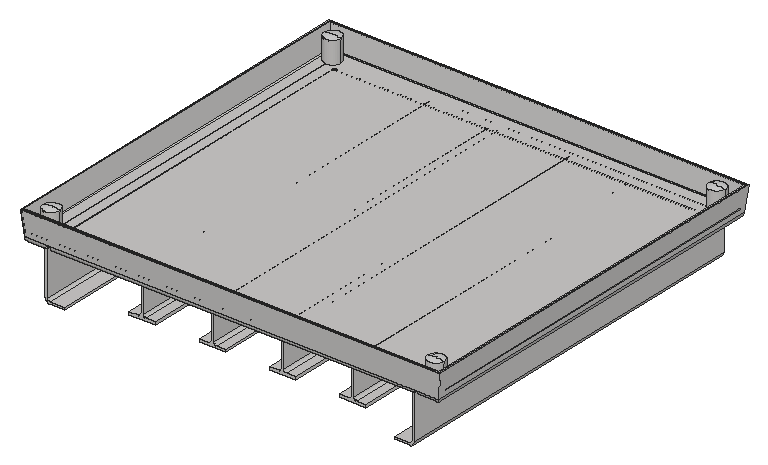
Revit family "NLRS_33_GM_FB_TC_STORAX_vloerluik_BVS-400_BCB", category Generic Models, host Face, Revit 2014
Parameters (values of type "BVS-400 88")
  vullen_met_beton = "ja"  # constant formula
  versterking_88 = yes
  versterking_66 = no
  versterking_110 = no
  vergrendeling = "nee"  # constant formula
  uitwendige_lengte = 935 mm
  uitwendige_breedte = 1015 mm
  sluiting = "4"  # constant formula
  scharnierend = "nee"  # constant formula
  rubberen_afdichting = "enkel"  # constant formula
  productgroep = "Vloerluiken"  # constant formula
  materiaal = bcb_staal
  liggers_lengte = binnenmaat_lengte + 47 mm  # 847 mm
  inbouwhoogte [instance] = 75 mm
  geïsoleerd = "ja"  # constant formula
  gewicht = "103"
  gasdrukveer = "nee"  # constant formula
  brandwerend 90 min = "nee"  # constant formula
  binnenmaat_lengte = uitwendige_lengte - 135 mm  # 800 mm
  binnenmaat_breedte = uitwendige_breedte - 215 mm  # 800 mm
  binnenluik = "tbv betonvulling"  # constant formula
  belasting = "400 kN"  # constant formula
  URL = "http://www.storax.nl/producten/Staal/189/Type-BVS-400"
  Model = "BV"  # constant formula
  Manufacturer = "Storax"  # constant formula
  Default Elevation = 1219.2 mm
Types (5, lengths in mm): name | versterking_88 | versterking_66 | versterking_110 | uitwendige_lengte | uitwendige_breedte | liggers_lengte | gewicht | binnenmaat_lengte | binnenmaat_breedte | Default Elevation
  (no name) | yes | no | no | 935 | 1015 | 847 | "103" | 800 | 800 | 1219.2
  BVS-400 66 | no | yes | no | 735 | 815 | 647 | "62" | 600 | 600 | 1219.2
  BVS-400 88 | yes | no | no | 935 | 1015 | 847 | "103" | 800 | 800 | 1219.2
  BVS-400 110 | no | no | yes | 1135 | 1215 | 1047 | "175" | 1000 | 1000 | 0
  maatwerk | no | no | yes | 1135 | 1215 | 1047 | "0" | 1000 | 1000 | 0
Reference planes
  plane 1 "Center (Front/Back)": y = 0
  plane 2: z = 0
  plane 3 "Center (Left/Right)": x = 0
  plane 4: y = 467.5
  plane 5: y = -467.5
  plane 6: x = 507.5
  plane 7: x = -507.5
  plane 8: z = -75
  plane 9: x = -465.5
  plane 10: y = 425.5
  plane 11: y = -425.5
  plane 12: x = 465.5
  plane 13: x = -345.5
  plane 14: x = 345.5
  plane 15: y = -305.5
  plane 16: y = 305.5
  plane 17: x = -437
  plane 18: x = 437
  plane 19: y = -396.5
  plane 20: y = 396.5
Forms (mm)
  Sweep 1, solid, material "bcb_staal" <- "materiaal", detail levels medium+fine
    path origin (0, 0, 0) x (1, 0, 0) y (0, 1, 0)
      loop
        line (-507.5, 467.5) -> (-507.5, -467.5) -> (507.5, -467.5) -> (507.5, 467.5) -> (-507.5, 467.5)
    profile origin (-507.5, 0, 0) x (-1, 0, 0) y (0, 0, 1)
      loop
        line (0, 0) -> (-2.01, 0) -> (-8.062, -60.739)
        arc (-8.062, -60.739) -> (-19.025, -71.913) -> (-32.302, -63.62) r 12.5
        line (-32.302, -63.62) -> (-34.724, -56.679)
        arc (-34.724, -56.679) -> (-38.41, -54.001) -> (-42.212, -56.51) r 4
        line (-42.212, -56.51) -> (-44.362, -61.868)
        arc (-44.362, -61.868) -> (-48.269, -64.946) -> (-52.899, -63.13) r 5
        line (-52.899, -63.13) -> (-56.64, -57.982)
        arc (-56.64, -57.982) -> (-63.349, -55.792) -> (-67.5, -61.5) r 6
        line (-67.5, -61.5) -> (-67.5, -75) -> (-65.5, -75) -> (-65.5, -61.5)
        arc (-65.5, -61.5) -> (-62.734, -57.695) -> (-58.262, -59.152) r 4
        line (-58.262, -59.152) -> (-54.667, -64.109)
        arc (-54.667, -64.109) -> (-48.142, -66.947) -> (-42.504, -62.607) r 7
        line (-42.504, -62.607) -> (-40.356, -57.255)
        arc (-40.356, -57.255) -> (-38.451, -56.001) -> (-36.61, -57.346) r 2
        line (-36.61, -57.346) -> (-34.19, -64.279)
        arc (-34.19, -64.279) -> (-18.789, -73.899) -> (-6.071, -60.938) r 14.5
        line (-6.071, -60.938) -> (0, 0)
  Sweep 2, solid, material "bcb_staal" <- "materiaal", detail levels medium+fine
    path origin (0, 0, 0) x (1, 0, 0) y (0, 1, 0)
      loop
        line (-507.5, 467.5) -> (-507.5, -467.5) -> (507.5, -467.5) -> (507.5, 467.5) -> (-507.5, 467.5)
    profile origin (-507.5, 0, 0) x (-1, 0, 0) y (0, 0, 1)
      loop
        line (-10.487, -50.628) -> (-2.484, 0) -> (-4.5, 0) -> (-12.438, -50.313)
        arc (-12.438, -50.313) -> (-13.121, -51.538) -> (-14.437, -52.024) r 2.024
        line (-14.437, -52.024) -> (-67.5, -52.024) -> (-67.5, -53.988) -> (-14.751, -53.988)
        arc (-14.751, -53.988) -> (-11.962, -53.142) -> (-10.487, -50.628) r 4
  Sweep 3, solid, material "bcb_staal" <- "materiaal", detail levels coarse
    path origin (0, 0, 0) x (1, 0, 0) y (0, 1, 0)
      loop
        line (-507.5, 467.5) -> (-507.5, -467.5) -> (507.5, -467.5) -> (507.5, 467.5) -> (-507.5, 467.5)
    profile origin (-507.5, 0, 0) x (-1, 0, 0) y (0, 0, 1)
      loop
        line (0, 0) -> (-4.5, 0) -> (-12.74, -52.024) -> (-67.5, -52.024) -> (-67.5, -75) -> (-7.473, -75) -> (0, 0)
  Extrusion 4, solid, material "bcb_staal" <- "materiaal", detail levels medium+fine
    sketch origin (0, 0, 0) x (1, 0, 0) y (0, 1, 0)
      loop
        line (-440, 400) -> (-440, -400) -> (440, -400) -> (440, 400) -> (-440, 400)
    from -53.988 to -52
  Extrusion 5, solid, material "bcb_staal" <- "materiaal", detail levels coarse
    sketch origin (0, 0, 0) x (1, 0, 0) y (0, 1, 0)
      loop
        line (-440, 400) -> (-440, -400) -> (440, -400) -> (440, 400) -> (-440, 400)
    from -75 to -52.024
  Extrusion 6, void
    sketch origin (0, 0, 0) x (1, 0, 0) y (0, 1, 0)
      loop
        line (-345.5, -305.5) -> (345.5, -305.5) -> (345.5, 305.5) -> (-345.5, 305.5) -> (-345.5, -305.5)
    from -500 to 10
  Sweep 7, void
    path origin (0, 0, 0) x (1, 0, 0) y (0, 1, 0)
      loop
        line (-507.5, 467.5) -> (-507.5, -467.5) -> (507.5, -467.5) -> (507.5, 467.5) -> (-507.5, 467.5)
    profile origin (-507.5, 0, 0) x (-1, 0, 0) y (0, 0, 1)
      loop
        line (0.498, 5) -> (-162, 5) -> (-162, -365) -> (-65.5, -365) -> (-65.5, -75) -> (-7.473, -75) -> (0.498, 5)
  Sweep 8, solid, material "bcb_staal" <- "materiaal"
    path origin (0, 0, 0) x (1, 0, 0) y (0, 1, 0)
      loop
        line (-507.5, -467.5) -> (-507.5, 467.5)
    profile origin (-507.5, 0, 0) x (-1, 0, 0) y (0, 0, 1)
      loop
        line (-60.5, -169) -> (-60.5, -62) -> (-65.5, -62) -> (-65.5, -169)
        arc (-65.5, -169) -> (-67.257, -173.243) -> (-71.5, -175) r 6
        line (-71.5, -175) -> (-107.5, -175) -> (-107.5, -180) -> (-71.5, -180)
        arc (-71.5, -180) -> (-63.722, -176.778) -> (-60.5, -169) r 11
  Sweep 9, solid, material "bcb_staal" <- "materiaal"
    path origin (134.957, 0, 0) x (-1, 0, 0) y (0, 1, 0)
      loop
        line (-372.543, -467.5) -> (-372.543, 467.5)
    profile origin (507.5, 0, 0) x (-1, 0, 0) y (0, 0, 1)
      loop
        arc (60.5, -169) -> (63.722, -176.778) -> (71.5, -180) r 11
        line (71.5, -180) -> (107.5, -180) -> (107.5, -175) -> (71.5, -175)
        arc (71.5, -175) -> (67.257, -173.243) -> (65.5, -169) r 6
        line (65.5, -169) -> (65.5, -62) -> (60.5, -62) -> (60.5, -169)
Cuts and joins
  joined: Sweep 2, Extrusion 4
  joined: Sweep 3, Extrusion 5
Text (mm)
  text "Indien u deze familie geopend hebt vanuit het project via Edit Family: Niet Opslaan!\n\nOpen de familie via File - Open Family om de familie aan te passen.\n\n\n\nMocht u zelf aanpassingen willen aanbrengen in een type van de family, \n\npak dan het type maatwerk en neem contact op met Storax." at (-0.374, 589.999, 0), in view "Ref. Level"
Dimensions and locks
  equal spacing: plane 7, plane 3 "Center (Left/Right)", plane 6
  "uitwendige_breedte": plane 7 to plane 6
  equal spacing: plane 4, plane 1 "Center (Front/Back)", plane 5
  "uitwendige_lengte": plane 4 to plane 5
  locked: plane 4 to plane 10 at 42
  locked: plane 7 to plane 9 at 42
  locked: plane 12 to plane 6 at 42
  locked: plane 5 to plane 11 at 42
  locked: plane 9 to plane 13 at 120
  locked: plane 14 to plane 12 at 120
  locked: plane 15 to plane 11 at 120
  locked: plane 10 to plane 16 at 120
  locked: plane 9 to plane 17 at 28.5
  locked: plane 18 to plane 12 at 28.5
  locked: plane 11 to plane 19 at 29
  locked: plane 10 to plane 20 at 29
  aligned and locked: plane 2 to host face
  aligned and locked: level to host face
  aligned and locked: Sweep 1 sketch curve to plane 4
  aligned and locked: plane 7 to Sweep 1 sketch curve
  aligned and locked: plane 5 to Sweep 1 sketch curve
  aligned and locked: Sweep 1 sketch curve to plane 6
  aligned and locked: Sweep 2 sketch curve to Sweep 1  (x4)
  aligned and locked: Sweep 3 sketch curve to Sweep 1  (x4)
  aligned and locked: Extrusion 4 sketch curve to Sweep 1  (x4)
  aligned and locked: Extrusion 5 sketch curve to Sweep 3  (x2)
  aligned and locked: Extrusion 5 sketch curve to Sweep 1  (x2)
  aligned and locked: plane 9 to nested 1
  aligned and locked: nested 1 to plane 10
  aligned and locked: nested 2 to plane 12
  aligned and locked: plane 10 to nested 2
  aligned and locked: plane 11 to nested 3
  aligned and locked: nested 3 to plane 9
  aligned and locked: nested 4 to plane 11
  aligned and locked: plane 12 to nested 4
  aligned and locked: Extrusion 6 to plane 16
  aligned and locked: Extrusion 6 to plane 14
  aligned and locked: Extrusion 6 to plane 15
  aligned and locked: Extrusion 6 to plane 13
  aligned and locked: Sweep 7 sketch curve to plane 4
  aligned and locked: Sweep 7 sketch curve to plane 6
  aligned and locked: plane 5 to Sweep 7 sketch curve
  aligned and locked: plane 7 to Sweep 7 sketch curve
  aligned and locked: plane 7 to Sweep 8 sketch curve
  aligned and locked: plane 6 to Sweep 9 sketch curve
  aligned and locked: plane 3 "Center (Left/Right)" to nested 5
  aligned and locked: nested 5 to plane 1 "Center (Front/Back)"
Automatic sketch dimensions
  host sketch curve to host sketch curve = 2000 mm  (x2)
  Sweep 1 sketch curve to level = 0 mm
  Sweep 1 sketch curve to profile plane = 0 mm
  profile plane to Sweep 1 sketch curve = 2.01 mm
  profile plane to Sweep 1 sketch curve = 6.071 mm
  Sweep 1 sketch curve to Sweep 1 sketch curve = 1.99 mm
  Sweep 1 sketch curve to Sweep 1 sketch curve = 12.438 mm
  Sweep 1 sketch curve to Sweep 1 sketch curve = 0 mm  (x6)
  Sweep 1 sketch curve to Sweep 1 sketch curve = 11.802 mm
  Sweep 1 sketch curve to Sweep 1 sketch curve = 1.888 mm
  Sweep 1 sketch curve to Sweep 1 sketch curve = 2.423 mm
  Sweep 1 sketch curve to Sweep 1 sketch curve = 1.886 mm
  Sweep 1 sketch curve to Sweep 1 sketch curve = 1.89 mm
  Sweep 1 sketch curve to Sweep 1 sketch curve = 1.856 mm  (x2)
  Sweep 1 sketch curve to Sweep 1 sketch curve = 2.147 mm
  Sweep 1 sketch curve to Sweep 1 sketch curve = 1.858 mm
  Sweep 1 sketch curve to Sweep 1 sketch curve = 4.638 mm
  Sweep 1 sketch curve to Sweep 1 sketch curve = 3.899 mm
  Sweep 1 sketch curve to Sweep 1 sketch curve = 1.768 mm
  Sweep 1 sketch curve to Sweep 1 sketch curve = 3.741 mm
  Sweep 1 sketch curve to Sweep 1 sketch curve = 1.622 mm
  Sweep 1 sketch curve to Sweep 1 sketch curve = 3.238 mm
  Sweep 1 sketch curve to Sweep 1 sketch curve = 4 mm
  Sweep 1 sketch curve to Sweep 1 sketch curve = 2 mm
  Sweep 1 sketch curve to level = 56.51 mm
  Sweep 1 sketch curve to Sweep 1 sketch curve = 0.169 mm
  Sweep 1 sketch curve to Sweep 1 sketch curve = 0.745 mm
  Sweep 1 sketch curve to Sweep 1 sketch curve = 0.654 mm
  Sweep 1 sketch curve to Sweep 1 sketch curve = 1.471 mm
  Sweep 1 sketch curve to Sweep 1 sketch curve = 1.17 mm
  Sweep 1 sketch curve to Sweep 1 sketch curve = 2.821 mm
  Sweep 1 sketch curve to Sweep 1 sketch curve = 3.49 mm
  Sweep 1 sketch curve to Sweep 1 sketch curve = 1.239 mm
  Sweep 1 sketch curve to Sweep 1 sketch curve = 0.198 mm
  Sweep 1 sketch curve to Sweep 1 sketch curve = 1.867 mm
  Sweep 1 sketch curve to Sweep 1 sketch curve = 0.739 mm
  Sweep 1 sketch curve to Sweep 1 sketch curve = 13.5 mm
  Sweep 2 sketch curve to level = 0 mm
  profile plane to Sweep 2 sketch curve = 67.5 mm
  profile plane to Sweep 2 sketch curve = 14.751 mm
  Sweep 2 sketch curve to Sweep 2 sketch curve = 0.313 mm  (x2)
  Sweep 2 sketch curve to Sweep 2 sketch curve = 0 mm  (x2)
  Sweep 2 sketch curve to Sweep 2 sketch curve = 2 mm
  Sweep 2 sketch curve to Sweep 2 sketch curve = 1.95 mm
  profile plane to Sweep 2 sketch curve = 4.5 mm
  Sweep 2 sketch curve to Sweep 2 sketch curve = 2.016 mm
  Sweep 2 sketch curve to level = 50 mm
  Sweep 2 sketch curve to Sweep 2 sketch curve = 0.315 mm
  Sweep 3 sketch curve to level = 0 mm
  Sweep 3 sketch curve to profile plane = 0 mm
  profile plane to Sweep 3 sketch curve = 4.5 mm
  profile plane to Sweep 3 sketch curve = 7.473 mm
  profile plane to Sweep 3 sketch curve = 12.74 mm
  Sweep 3 sketch curve to Sweep 3 sketch curve = 54.76 mm
  Sweep 3 sketch curve to level = 52.024 mm
  Sweep 3 sketch curve to Sweep 3 sketch curve = 22.976 mm
  Extrusion 6 sketch curve to plane 13 = 0 mm
  Extrusion 6 sketch curve to plane 14 = 0 mm
  Extrusion 6 sketch curve to plane 15 = 0 mm
  plane 16 to Extrusion 6 sketch curve = 0 mm
  level to Sweep 7 sketch curve = 5 mm
  profile plane to Sweep 7 sketch curve = 162 mm
  profile plane to Sweep 7 sketch curve = 65.5 mm
  profile plane to Sweep 7 sketch curve = 7.473 mm
  Sweep 7 sketch curve to profile plane = 0.498 mm
  Sweep 7 sketch curve to level = 75 mm
  Sweep 7 sketch curve to Sweep 7 sketch curve = 290 mm
  Sweep 8 sketch curve to plane 5 = 0 mm
  Sweep 8 sketch curve to plane 4 = 0 mm
  Sweep 8 sketch curve to Sweep 8 sketch curve = 0 mm  (x2)
  profile plane to Sweep 8 sketch curve = 107.5 mm
  Sweep 8 sketch curve to Sweep 8 sketch curve = 36 mm
  Sweep 8 sketch curve to Sweep 8 sketch curve = 6 mm
  Sweep 8 sketch curve to Sweep 8 sketch curve = 5 mm
  Sweep 8 sketch curve to level = 180 mm
  Sweep 8 sketch curve to level = 62 mm
  Sweep 9 sketch curve to plane 4 = 0 mm
  Sweep 9 sketch curve to plane 5 = 0 mm
  Sweep 9 sketch curve to Sweep 9 sketch curve = 0 mm  (x2)
  Sweep 9 sketch curve to profile plane = 60.5 mm
  Sweep 9 sketch curve to Sweep 9 sketch curve = 5 mm
  Sweep 9 sketch curve to Sweep 9 sketch curve = 6 mm
  Sweep 9 sketch curve to Sweep 9 sketch curve = 36 mm
  Sweep 9 sketch curve to level = 180 mm
  Sweep 9 sketch curve to level = 62 mm
Nested families
  nested 1: "NLRS_33_GM_FB_TC_STORAX_vloerluik_BV_BCB_Inbusbout" at (-465.5, 425.5, -52.024), type "NLRS_33_GM_FB_TC_STORAX_vloerluik_BV_BCB_Inbusbout"
  nested 2: "NLRS_33_GM_FB_TC_STORAX_vloerluik_BV_BCB_Inbusbout" at (465.5, 425.5, -52.024) x (-1, 0, 0) z (0, 0, 1), type "NLRS_33_GM_FB_TC_STORAX_vloerluik_BV_BCB_Inbusbout"
  nested 3: "NLRS_33_GM_FB_TC_STORAX_vloerluik_BV_BCB_Inbusbout" at (-465.5, -425.5, -52.024), type "NLRS_33_GM_FB_TC_STORAX_vloerluik_BV_BCB_Inbusbout"
  nested 4: "NLRS_33_GM_FB_TC_STORAX_vloerluik_BV_BCB_Inbusbout" at (465.5, -425.5, -52.024) x (-1, 0, 0) z (0, 0, 1), type "NLRS_33_GM_FB_TC_STORAX_vloerluik_BV_BCB_Inbusbout"
  nested 5: "NLRS_33_GM_FB_TC_STORAX_vloerluik_BVS-400_BCB_Versteviging" at (0, 0, 0) x (0, 1, 0) z (0, 0, 1), type "NLRS_33_GM_FB_TC_STORAX_vloerluik_BVS-400_BCB_Versteviging"
    with lengte 847 mm, 66 no, 110 no
Definition of nested family "NLRS_33_GM_FB_TC_STORAX_vloerluik_BV_BCB_Inbusbout"
  Parameters (values of type "NLRS_33_GM_FB_TC_STORAX_vloerluik_BV_BCB_Inbusbout")
    materiaal = bcb_staal
    Default Elevation = 1219.2 mm
  Reference planes
    plane 1 "Center (Front/Back)": y = 0
    plane 2: z = 0
    plane 3 "Center (Left/Right)": x = 0
  Forms (mm)
    Extrusion 1, solid, not visible
      sketch origin (0, 0, 0) x (1, 0, 0) y (0, 1, 0)
        loop
          line (-250, 250) -> (-250, -250) -> (250, -250) -> (250, 250) -> (-250, 250)
      from 0 to -100
    Extrusion 2, solid, material "bcb_staal" <- "materiaal", detail levels medium+fine
      sketch origin (0, 0, 0) x (1, 0, 0) y (0, 1, 0)
        loop
          circle (0, 0) r 20
      from 0 to 52
    Revolve 3, solid, material "bcb_kunststof", detail levels medium+fine
      sketch origin (0, 0, 0) x (1, 0, 0) y (0, 0, 1)
        loop
          line (-20, 52) -> (0, 52) -> (0, 56)
          arc (0, 56) -> (-10.198, 54.99) -> (-20, 52) r 52
        axis (0, 56) -> (0, 52)
      angle from 0 to 360
  Dimensions and locks
    aligned and locked: plane 2 to Extrusion 1
    aligned and locked: level to Extrusion 1
Definition of nested family "NLRS_33_GM_FB_TC_STORAX_vloerluik_BVS-400_BCB_Versteviging"
  Parameters (values of type "NLRS_33_GM_FB_TC_STORAX_vloerluik_BVS-400_BCB_Versteviging")
    materiaal = bcb_staal
    lengte = 1110 mm
    Default Elevation = 0 mm
    88 = yes
    66 = yes
    110 = yes
  Reference planes
    plane 1 "Center (Front/Back)": y = 0
    plane 2: z = 0
    plane 3 "Center (Left/Right)": x = 0
    plane 4: x = 555
    plane 5: x = -555
    plane 6: x = -545
    plane 7: x = 545
  Forms (mm)
    Extrusion 1, solid
      sketch origin (0, 0, 0) x (1, 0, 0) y (0, 1, 0)
        loop
          line (-930, 645) -> (-930, -815) -> (870, -815) -> (870, 645) -> (-930, 645)
      from 0 to -10
  Dimensions and locks
    equal spacing: plane 5, plane 3 "Center (Left/Right)", plane 4
    "lengte": plane 5 to plane 4
    locked: plane 5 to plane 6 at 10
    locked: plane 7 to plane 4 at 10
    aligned and locked: plane 2 to Extrusion 1
    aligned and locked: level to Extrusion 1
    aligned and locked: plane 3 "Center (Left/Right)" to nested 12
    aligned and locked: plane 3 "Center (Left/Right)" to nested 7
    aligned and locked: plane 3 "Center (Left/Right)" to nested 11
    aligned and locked: plane 3 "Center (Left/Right)" to nested 6
    aligned and locked: plane 3 "Center (Left/Right)" to nested 2
    aligned and locked: plane 3 "Center (Left/Right)" to nested 10
    aligned and locked: plane 3 "Center (Left/Right)" to nested 1
    aligned and locked: plane 3 "Center (Left/Right)" to nested 5
    aligned and locked: plane 3 "Center (Left/Right)" to nested 9
    aligned and locked: plane 3 "Center (Left/Right)" to nested 3
    aligned and locked: plane 3 "Center (Left/Right)" to nested 4
    aligned and locked: plane 3 "Center (Left/Right)" to nested 8
  Automatic sketch dimensions
    Extrusion 1 sketch curve to Extrusion 1 sketch curve = 1800 mm
    Extrusion 1 sketch curve to Extrusion 1 sketch curve = 1460 mm
  Nested families
    nested 1: "NLRS_33_GM_FB_TC_STORAX_vloerluik_BVS-400_BCB_Liggers" at (0, 0, 0), visible <- "66", type "NLRS_33_GM_FB_TC_STORAX_vloerluik_BVS-400_BCB_Liggers"
      with lengte 1110 mm
    nested 2: "NLRS_33_GM_FB_TC_STORAX_vloerluik_BVS-400_BCB_Liggers" at (0, 169, 0), visible <- "66", type "NLRS_33_GM_FB_TC_STORAX_vloerluik_BVS-400_BCB_Liggers"
      with lengte 1110 mm
    nested 3: "NLRS_33_GM_FB_TC_STORAX_vloerluik_BVS-400_BCB_Liggers" at (0, -169, 0), visible <- "66", type "NLRS_33_GM_FB_TC_STORAX_vloerluik_BVS-400_BCB_Liggers"
      with lengte 1110 mm
    nested 4: "NLRS_33_GM_FB_TC_STORAX_vloerluik_BVS-400_BCB_Liggers" at (0, -255, 0), visible <- "88", type "NLRS_33_GM_FB_TC_STORAX_vloerluik_BVS-400_BCB_Liggers"
      with lengte 1110 mm
    nested 5: "NLRS_33_GM_FB_TC_STORAX_vloerluik_BVS-400_BCB_Liggers" at (0, -85, 0), visible <- "88", type "NLRS_33_GM_FB_TC_STORAX_vloerluik_BVS-400_BCB_Liggers"
      with lengte 1110 mm
    nested 6: "NLRS_33_GM_FB_TC_STORAX_vloerluik_BVS-400_BCB_Liggers" at (0, 85, 0), visible <- "88", type "NLRS_33_GM_FB_TC_STORAX_vloerluik_BVS-400_BCB_Liggers"
      with lengte 1110 mm
    nested 7: "NLRS_33_GM_FB_TC_STORAX_vloerluik_BVS-400_BCB_Liggers" at (0, 255, 0), visible <- "88", type "NLRS_33_GM_FB_TC_STORAX_vloerluik_BVS-400_BCB_Liggers"
      with lengte 1110 mm
    nested 8: "NLRS_33_GM_FB_TC_STORAX_vloerluik_BVS-400_BCB_Liggers" at (0, -340, 0), visible <- "110", type "NLRS_33_GM_FB_TC_STORAX_vloerluik_BVS-400_BCB_Liggers"
      with lengte 1110 mm
    nested 9: "NLRS_33_GM_FB_TC_STORAX_vloerluik_BVS-400_BCB_Liggers" at (0, -170, 0), visible <- "110", type "NLRS_33_GM_FB_TC_STORAX_vloerluik_BVS-400_BCB_Liggers"
      with lengte 1110 mm
    nested 10: "NLRS_33_GM_FB_TC_STORAX_vloerluik_BVS-400_BCB_Liggers" at (0, 0, 0), visible <- "110", type "NLRS_33_GM_FB_TC_STORAX_vloerluik_BVS-400_BCB_Liggers"
      with lengte 1110 mm
    nested 11: "NLRS_33_GM_FB_TC_STORAX_vloerluik_BVS-400_BCB_Liggers" at (0, 170, 0), visible <- "110", type "NLRS_33_GM_FB_TC_STORAX_vloerluik_BVS-400_BCB_Liggers"
      with lengte 1110 mm
    nested 12: "NLRS_33_GM_FB_TC_STORAX_vloerluik_BVS-400_BCB_Liggers" at (0, 340, 0), visible <- "110", type "NLRS_33_GM_FB_TC_STORAX_vloerluik_BVS-400_BCB_Liggers"
      with lengte 1110 mm
  Definition of nested family "NLRS_33_GM_FB_TC_STORAX_vloerluik_BVS-400_BCB_Liggers"
    Parameters (values of type "NLRS_33_GM_FB_TC_STORAX_vloerluik_BVS-400_BCB_Liggers")
      materiaal = bcb_staal
      lengte = 600 mm
      Default Elevation = 0 mm
    Reference planes
      plane 1 "Center (Front/Back)": y = 0
      plane 2: z = 0
      plane 3 "Center (Left/Right)": x = 0
      plane 4: x = 290
      plane 5: x = -290
      plane 6: x = -300
      plane 7: x = 300
    Forms (mm)
      Extrusion 1, solid
        sketch origin (0, 0, 0) x (1, 0, 0) y (0, 1, 0)
          loop
            line (-250, 250) -> (-250, -250) -> (250, -250) -> (250, 250) -> (-250, 250)
        from 0 to -10
      Extrusion 2, solid, material "bcb_staal" <- "materiaal", detail levels medium+fine
        sketch origin (0, 0, -54) x (0, 1, 0) y (0, 0, 1)
          loop
            arc (-2.2, -106.698) -> (-4.25, -111.647) -> (-9.2, -113.698) r 7
            line (-9.2, -113.698) -> (-32, -113.698) -> (-32, -119.997) -> (32, -119.997) -> (32, -113.698) -> (9.2, -113.698)
            arc (9.2, -113.698) -> (4.25, -111.647) -> (2.2, -106.698) r 7
            line (2.2, -106.698) -> (2.2, -13.299)
            arc (2.2, -13.299) -> (4.25, -8.349) -> (9.2, -6.299) r 7
            line (9.2, -6.299) -> (32, -6.299) -> (32, 0.001) -> (-32, 0.001) -> (-32, -6.299) -> (-9.2, -6.299)
            arc (-9.2, -6.299) -> (-4.25, -8.349) -> (-2.2, -13.299) r 7
            line (-2.2, -13.299) -> (-2.2, -106.698)
        from -290 to 290
    Dimensions and locks
      equal spacing: plane 5, plane 3 "Center (Left/Right)", plane 4
      locked: plane 6 to plane 5 at 10
      locked: plane 4 to plane 7 at 10
      "lengte": plane 6 to plane 7
      aligned and locked: plane 2 to Extrusion 1
      aligned and locked: level to Extrusion 1
      aligned and locked: Extrusion 2 to plane 5
      aligned and locked: plane 4 to Extrusion 2
    Automatic sketch dimensions
      Extrusion 1 sketch curve to Extrusion 1 sketch curve = 500 mm  (x2)
      Extrusion 2 sketch curve to level = 53.999 mm
      plane 1 "Center (Front/Back)" to Extrusion 2 sketch curve = 32 mm  (x2)
      plane 1 "Center (Front/Back)" to Extrusion 2 sketch curve = 9.2 mm  (x2)
      plane 1 "Center (Front/Back)" to Extrusion 2 sketch curve = 2.2 mm
      Extrusion 2 sketch curve to plane 1 "Center (Front/Back)" = 2.2 mm
      Extrusion 2 sketch curve to plane 1 "Center (Front/Back)" = 9.2 mm  (x2)
      Extrusion 2 sketch curve to level = 60.299 mm
      Extrusion 2 sketch curve to Extrusion 2 sketch curve = 22.8 mm  (x2)
      Extrusion 2 sketch curve to Extrusion 2 sketch curve = 93.399 mm
      Extrusion 2 sketch curve to Extrusion 2 sketch curve = 0 mm  (x2)
      Extrusion 2 sketch curve to Extrusion 2 sketch curve = 6.3 mm
